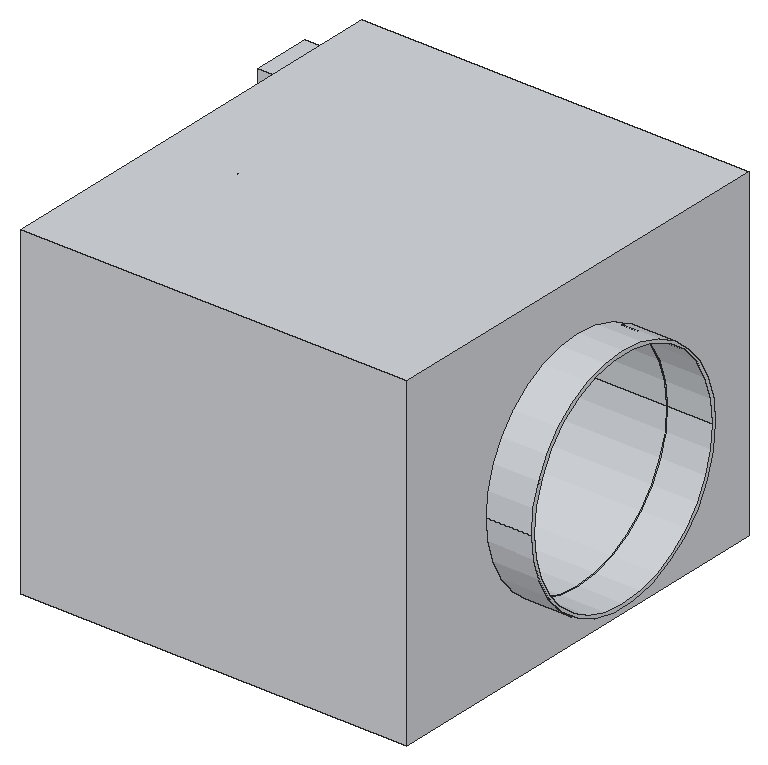
Revit family "ROSENBERG_Z_R", category Wyposażenie mechaniczne, Revit 2016
Family settings
  Typ części = Dzieli na
  Wymiar okrągłego złącza = Użyj średnicy
  Numer OmniClass = 23.75.00.00
  Tytuł OmniClass = Climate Control (HVAC)
  Oparty na płaszczyźnie roboczej = Nie
  Zawsze pionowo = Tak
  Tnij formami wycięć po wczytaniu = Nie
  Współdzielony = Tak
  Punkt obliczania pomieszczeń = Nie
Parameters (values of type "Z 250.3EF R1")
  Średnica przyłącza = 250 mm
  param_wymiar otworowanie = Średnica przyłącza - 6 mm  # 244 mm
  param_Wentylator szerokość = 465 mm
  param_Went.Przył.odsunięcie Y = 175 mm
  param_Went.Przył.odsunięcie X = 232.5 mm
  param_Wysokość kołnierza = 30 mm
  param_f1 = ((param_Wentylator długość / 2) / 3) + (param_Wentylator długość / 2)  # 346.667 mm
  param_Wentylator długość = 520 mm
  param_Skrzynia długość = 420 mm
  param_b1 = (param_Wentylator długość / 2) / 2  # 130 mm
  Użyj skali opisów [instance] = 0
  URL = "https://rosenberg.pl/pl/products/fans/duct-fans/circular-connection/zerobox-revolution/F05-25012/detail?page=1&view=simple#product-description"
  param_Sr.wenty = 122 mm
  param_Wentylator wysokość = 355 mm
  Numer katalogowy = "F05-25012"
  Producent = "Rosenberg"
  Opis = "Wentylator kanałowy Zerobox Revolution"
  Prąd znamionowy = 0.88 A
  Napięcie znamionowe = 230 V
  Model = "Z 250.3EF R1"
  Moc znamionowa = 200 W
  Materiał = none
  Masa = 19.50 kg
  Klasa szczelności = "IP44"
  Częstotliwość = 50 Hz
  Charakterystyka pracy = "https://rosenberg.pl/pl/products/fans/duct-fans/circular-connection/zerobox-revolution/F05-25012/detail?page=1&view=simple#product-characteristics"
Types (7, lengths in mm): name | Średnica przyłącza | param_wymiar otworowanie | param_Wentylator szerokość | param_Went.Przył.odsunięcie Y | param_Went.Przył.odsunięcie X | param_f1 | param_Wentylator długość | param_Skrzynia długość | param_b1 | URL | param_Wentylator wysokość | Numer katalogowy | Prąd znamionowy | Model | Moc znamionowa | Masa | Charakterystyka pracy
  Z 250.3EF R1 | 250 | 244 | 465 | 175 | 232.5 | 346.667 | 520 | 420 | 130 | "https://rosenberg.pl/pl/products/fans/duct-fans/circular-connection/zerobox-revolution/F05-25012/detail?page=1&view=simple#product-description" | 355 | "F05-25012" | 0.88 A | "Z 250.3EF R1" | 200 W | 19.50 kg | "https://rosenberg.pl/pl/products/fans/duct-fans/circular-connection/zerobox-revolution/F05-25012/detail?page=1&view=simple#product-characteristics"
  Z 200.3DF R1 | 200 | 194 | 420 | 165 | 210 | 326.667 | 490 | 390 | 122.5 | "https://rosenberg.pl/pl/products/fans/duct-fans/circular-connection/zerobox-revolution/F05-20012/detail?page=1&view=simple#product-description" | 315 | "F05-20012" | 0.54 A | "Z 200.3DF R1" | 124 W | 17.50 kg | "https://rosenberg.pl/pl/products/fans/duct-fans/circular-connection/zerobox-revolution/F05-20012/detail?page=1&view=simple#product-characteristics"
  Z 160.3CF R1 | 160 | 154 | 380 | 140 | 190 | 306.667 | 460 | 360 | 115 | "https://rosenberg.pl/pl/products/fans/duct-fans/circular-connection/zerobox-revolution/F05-16012/detail?page=1&view=simple#product-description" | 265 | "F05-16012" | 0.44 A | "Z 160.3CF R1" | 100 W | 14.50 kg | "https://rosenberg.pl/pl/products/fans/duct-fans/circular-connection/zerobox-revolution/F05-16012/detail?page=1&view=simple#product-characteristics"
  Z 125.2CA R1 | 125 | 119 | 380 | 140 | 190 | 306.667 | 460 | 360 | 115 | "https://rosenberg.pl/pl/products/fans/duct-fans/circular-connection/zerobox-revolution/F05-12512/detail?page=1&view=simple#product-description" | 245 | "F05-12512" | 0.14 A | "Z 125.2CA R1" | 29 W | 13.00 kg | "https://rosenberg.pl/pl/products/fans/duct-fans/circular-connection/zerobox-revolution/F05-12512/detail?page=1&view=simple#product-characteristics"
  Z 400.5FA R1 | 400 | 394 | 645 | 228 | 322.5 | 500 | 750 | 650 | 187.5 | "https://rosenberg.pl/pl/products/fans/duct-fans/circular-connection/zerobox-revolution/F05-40009/detail?page=1" | 470 | "F05-40009" | 1.4 A | "Z 400.5FA R1" | 290 W | 44.00 kg | "https://rosenberg.pl/pl/products/fans/duct-fans/circular-connection/zerobox-revolution/F05-40009/detail?page=1#product-characteristics"
  Z 355.5FA R1 | 355 | 349 | 620 | 230 | 310 | 466.667 | 700 | 600 | 175 | "https://rosenberg.pl/pl/products/fans/duct-fans/circular-connection/zerobox-revolution/F05-35513/detail?page=1" | 460 | "F05-35513" | 1.4 A | "Z 355.5FA R1" | 290 W | 44.00 kg | "https://rosenberg.pl/pl/products/fans/duct-fans/circular-connection/zerobox-revolution/F05-35513/detail?page=1#product-characteristics"
  Z 315.4EC R1 | 315 | 309 | 595 | 212 | 297.5 | 453.333 | 680 | 580 | 170 | "https://rosenberg.pl/pl/products/fans/duct-fans/circular-connection/zerobox-revolution/F05-31512/detail?page=1" | 420 | "F05-31512" | 0.66 A | "Z 315.4EC R1" | 143 W | 44.00 kg | "https://rosenberg.pl/pl/products/fans/duct-fans/circular-connection/zerobox-revolution/F05-31512/detail?page=1#product-characteristics"
Reference planes
  plane 1 "Center (Front/Back)": y = 0
  plane 2: z = 0
  plane 3 "Center (Left/Right)": x = 0
  plane 4 "t1": z = 355
  plane 5 "front": x = -260
  plane 6 "back": x = 260
  plane 7 "front2": x = -210
  plane 8 "back2": x = 210
  plane 9 "s1": y = 232.5
  plane 10 "s2": y = -232.5
  plane 11: y = 0
  plane 12 "h1": z = 175
Forms (mm)
  Extrusion 1, solid
    sketch origin (0, 0, 0) x (1, 0, 0) y (0, 1, 0)
      loop
        line (-210, 232.5) -> (-210, -232.5) -> (210, -232.5) -> (210, 232.5) -> (-210, 232.5)
    from 0 to 355
  Sweep 2, solid
    path origin (0, 0, 175) x (-1, 0, 0) y (0, -1, 0)
      loop
        line (260, 0) -> (210, 0)
    profile "Profil1 : Profil1" origin (-235, 0, 175) x (0, 1, 0) y (0, 0, 1)
      loop
        circle (0, 0) r 125
  Sweep 3, solid
    path origin (0, 0, 175) x (-1, 0, 0) y (0, -1, 0)
      loop
        line (-210, 0) -> (-260, 0)
    profile "Profil1 : Profil1" origin (235, 0, 175) x (0, 1, 0) y (0, 0, 1)
      loop
        circle (0, 0) r 125
  Extrusion 4, solid
    sketch origin (0, 46.272, 175) x (-1, 0, 0) y (0, -1, 0)
      loop
        line (260, -171.228) -> (260, -106.228) -> (210, -106.228) -> (210, -171.228) -> (260, -171.228)
    from 81.061 to 150.256
  Sweep 5, void
    path origin (0, 0, 175) x (-1, 0, 0) y (0, -1, 0)
      loop
        line (260, 0) -> (-260, 0)
    profile "Profil2 : Profil2" origin (0, 0, 175) x (0, 1, 0) y (0, 0, 1)
      loop
        circle (0, 0) r 122
Cuts and joins
  Sweep 5 cuts Extrusion 1
  Sweep 5 cuts Sweep 2
  Sweep 5 cuts Sweep 3
Dimensions and locks
  equal spacing: plane 5 "front", plane 3 "Center (Left/Right)", plane 6 "back"
  "param_Wentylator długość": plane 5 "front" to plane 6 "back"
  equal spacing: plane 7 "front2", plane 3 "Center (Left/Right)", plane 8 "back2"
  "param_Skrzynia długość": plane 7 "front2" to plane 8 "back2"
  equal spacing: plane 9 "s1", plane 1 "Center (Front/Back)", plane 10 "s2"
  "param_Wentylator szerokość": plane 9 "s1" to plane 10 "s2"
  "param_Wentylator wysokość": plane 4 "t1" to level
  "param_Went.Przył.odsunięcie X": plane 9 "s1" to plane 11
  "param_Went.Przył.odsunięcie Y": plane 12 "h1" to level
  Extrusion 4 sketch curve to plane 8 "back2" = 420 mm
  locked: Extrusion 4 to Extrusion 4 at 69.195
  Extrusion 4 to Extrusion 1 = 15 mm
  locked: Extrusion 4 to Extrusion 4 at 65
  locked: plane 9 "s1" to Extrusion 4 at 15
  locked: plane 4 "t1" to Extrusion 4 at 29.744
  aligned and locked: level to plane 2
  aligned and locked: Extrusion 1 sketch curve to plane 9 "s1"
  aligned and locked: plane 7 "front2" to Extrusion 1 sketch curve
  aligned and locked: plane 10 "s2" to Extrusion 1 sketch curve
  aligned and locked: Extrusion 1 sketch curve to plane 8 "back2"
  aligned and locked: plane 4 "t1" to Extrusion 1
  aligned and locked: Extrusion 1 to level
  aligned and locked: Sweep 2 sketch curve to plane 11
  aligned and locked: plane 12 "h1" to Sweep 2 sketch curve
  aligned and locked: plane 7 "front2" to Sweep 2 sketch curve
  aligned and locked: plane 5 "front" to Sweep 2 sketch curve
  aligned and locked: Sweep 3 sketch curve to plane 11
  aligned and locked: Sweep 3 sketch curve to plane 12 "h1"
  aligned and locked: plane 6 "back" to Sweep 3 sketch curve
  aligned and locked: plane 8 "back2" to Sweep 3 sketch curve
  aligned and locked: plane 6 "back" to Sweep 5 sketch curve
  aligned and locked: plane 5 "front" to Sweep 5 sketch curve
  aligned and locked: Sweep 5 sketch curve to plane 11
  aligned and locked: plane 7 "front2" to Extrusion 4
  aligned and locked: Extrusion 4 to plane 5 "front"
Automatic sketch dimensions
  Sweep 2 sketch curve to plane 7 "front2" = 0 mm
  Sweep 2 sketch curve to plane 5 "front" = 0 mm
  Sweep 3 sketch curve to plane 6 "back" = 0 mm
  Sweep 3 sketch curve to plane 8 "back2" = 0 mm
  Extrusion 4 sketch curve to plane 8 "back2" = 470 mm
  Extrusion 4 sketch curve to plane 9 "s1" = 15 mm
  Extrusion 4 sketch curve to Extrusion 4 sketch curve = 65 mm
Connectors
  hvac at (-260, 0, 175), driven by "Średnica przyłącza"
    settings: on Sweep 2, index 1, duct flow 0.0 L/s, flow factor 0, pres drop 0.0 Pa, loss coef 0, conn angle 0.00°, conn width 304.8 mm, conn height 304.8 mm, conn diameter 250 mm, duct sys type 29, conn prof type 0, flow config 0, flow direction 2, loss method 0, conn ref index 2, conn util no, is conn primary yes, conn desc "AirOut"
  hvac at (260, 0, 175), driven by "Średnica przyłącza"
    settings: on Sweep 3, index 2, duct flow 0.0 L/s, flow factor 0, pres drop 0.0 Pa, loss coef 0, conn angle 0.00°, conn width 304.8 mm, conn height 304.8 mm, conn diameter 250 mm, duct sys type 29, conn prof type 0, flow config 0, flow direction 1, loss method 0, conn ref index 1, conn util no, is conn primary no, conn desc "AirIn"
  electrical at (-235, 185, 256.061), driven by "Napięcie znamionowe", driven by "Moc znamionowa"
    settings: on Extrusion 4, index 3, voltage 230 V, apparent load 0 VA, apparent load phase1 200 VA, apparent load phase2 0 VA, apparent load phase3 0 VA, power factor 1, load classification "HVAC", number of poles 1, system type 31, power factor state 1, is connector primary yes, connector utility no, sub classification motor no, connector description ""
